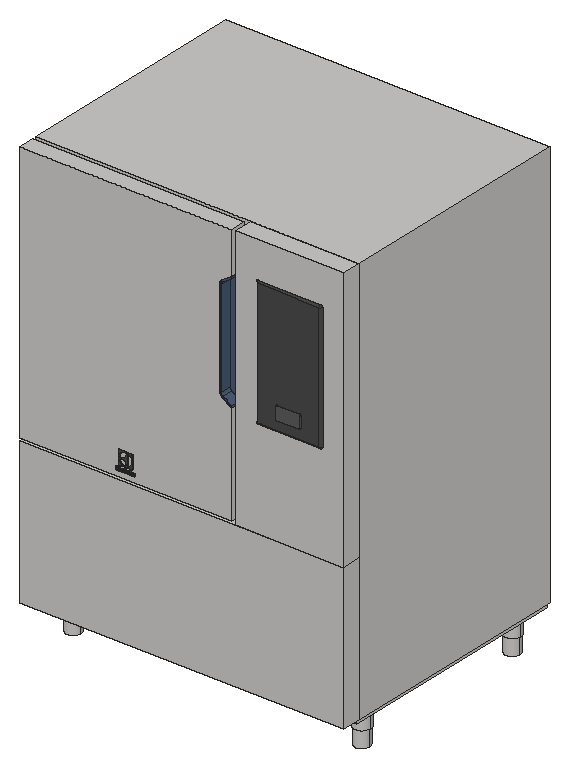
Revit family "QF_ELECTROLUXPROFESSIONAL_727740_EBFA12E", category Specialty Equipment, Revit 2018 (continued)
Automatic sketch dimensions
  Split face 277 sketch curve to Extrusion 4 = 241.478 mm
  Split face 277 sketch curve to Split face 277 sketch curve = 4.974 mm
  Split face 278 sketch curve to Extrusion 4 = 140.047 mm
  Split face 278 sketch curve to Extrusion 4 = 30.031 mm
  Split face 278 sketch curve to Extrusion 4 = 231.978 mm
  Split face 278 sketch curve to Split face 278 sketch curve = 4.974 mm
  Split face 279 sketch curve to Extrusion 4 = 140.047 mm
  Split face 279 sketch curve to Extrusion 4 = 30.031 mm
  Split face 279 sketch curve to Extrusion 4 = 222.478 mm
  Split face 279 sketch curve to Split face 279 sketch curve = 4.974 mm
  Split face 280 sketch curve to Extrusion 4 = 140.047 mm
  Split face 280 sketch curve to Extrusion 4 = 30.031 mm
  Split face 280 sketch curve to Extrusion 4 = 212.978 mm
  Split face 280 sketch curve to Split face 280 sketch curve = 4.974 mm
  Split face 281 sketch curve to Extrusion 4 = 140.047 mm
  Split face 281 sketch curve to Extrusion 4 = 30.031 mm
  Split face 281 sketch curve to Extrusion 4 = 203.478 mm
  Split face 281 sketch curve to Split face 281 sketch curve = 4.974 mm
  Split face 282 sketch curve to Extrusion 4 = 140.047 mm
  Split face 282 sketch curve to Extrusion 4 = 30.031 mm
  Split face 282 sketch curve to Extrusion 4 = 193.978 mm
  Split face 282 sketch curve to Split face 282 sketch curve = 4.974 mm
  Split face 283 sketch curve to Extrusion 4 = 140.047 mm
  Split face 283 sketch curve to Extrusion 4 = 30.031 mm
  Split face 283 sketch curve to Extrusion 4 = 184.478 mm
  Split face 283 sketch curve to Split face 283 sketch curve = 4.974 mm
  Split face 284 sketch curve to Extrusion 4 = 140.047 mm
  Split face 284 sketch curve to Extrusion 4 = 30.031 mm
  Split face 284 sketch curve to Extrusion 4 = 174.978 mm
  Split face 284 sketch curve to Split face 284 sketch curve = 4.974 mm
  Split face 285 sketch curve to Extrusion 4 = 140.047 mm
  Split face 285 sketch curve to Extrusion 4 = 30.031 mm
  Split face 285 sketch curve to Extrusion 4 = 165.478 mm
  Split face 285 sketch curve to Split face 285 sketch curve = 4.974 mm
  Split face 286 sketch curve to Extrusion 4 = 140.047 mm
  Split face 286 sketch curve to Extrusion 4 = 30.031 mm
  Split face 286 sketch curve to Extrusion 4 = 155.978 mm
  Split face 286 sketch curve to Split face 286 sketch curve = 4.974 mm
  Split face 287 sketch curve to Extrusion 4 = 140.047 mm
  Split face 287 sketch curve to Extrusion 4 = 30.031 mm
  Split face 287 sketch curve to Extrusion 4 = 146.478 mm
  Split face 287 sketch curve to Split face 287 sketch curve = 4.974 mm
  Split face 288 sketch curve to Extrusion 4 = 33.499 mm
  Split face 288 sketch curve to Extrusion 4 = 620.012 mm
  Split face 288 sketch curve to Extrusion 4 = 28.525 mm
  Split face 288 sketch curve to Split face 288 sketch curve = 110.016 mm
  Split face 289 sketch curve to Extrusion 4 = 42.999 mm
  Split face 289 sketch curve to Extrusion 4 = 620.012 mm
  Split face 289 sketch curve to Extrusion 4 = 38.025 mm
  Split face 289 sketch curve to Split face 289 sketch curve = 110.016 mm
  Split face 290 sketch curve to Extrusion 4 = 52.499 mm
  Split face 290 sketch curve to Extrusion 4 = 620.012 mm
  Split face 290 sketch curve to Extrusion 4 = 47.525 mm
  Split face 290 sketch curve to Split face 290 sketch curve = 110.016 mm
  Split face 291 sketch curve to Extrusion 4 = 61.999 mm
  Split face 291 sketch curve to Extrusion 4 = 620.012 mm
  Split face 291 sketch curve to Split face 291 sketch curve = 110.016 mm
  Split face 291 sketch curve to Split face 291 sketch curve = 4.974 mm
  Split face 292 sketch curve to Extrusion 4 = 71.499 mm
  Split face 292 sketch curve to Extrusion 4 = 620.012 mm
  Split face 292 sketch curve to Split face 292 sketch curve = 110.016 mm
  Split face 292 sketch curve to Split face 292 sketch curve = 4.974 mm
  Split face 293 sketch curve to Extrusion 4 = 80.999 mm
  Split face 293 sketch curve to Extrusion 4 = 620.012 mm
  Split face 293 sketch curve to Split face 293 sketch curve = 110.016 mm
  Split face 293 sketch curve to Split face 293 sketch curve = 4.974 mm
  Split face 294 sketch curve to Extrusion 4 = 90.499 mm
  Split face 294 sketch curve to Extrusion 4 = 620.012 mm
  Split face 294 sketch curve to Split face 294 sketch curve = 110.016 mm
  Split face 294 sketch curve to Split face 294 sketch curve = 4.974 mm
  Split face 295 sketch curve to Extrusion 4 = 99.999 mm
  Split face 295 sketch curve to Extrusion 4 = 620.012 mm
  Split face 295 sketch curve to Split face 295 sketch curve = 110.016 mm
  Split face 295 sketch curve to Split face 295 sketch curve = 4.974 mm
  Split face 296 sketch curve to Extrusion 4 = 109.499 mm
  Split face 296 sketch curve to Extrusion 4 = 620.012 mm
  Split face 296 sketch curve to Split face 296 sketch curve = 110.016 mm
  Split face 296 sketch curve to Split face 296 sketch curve = 4.974 mm
  Split face 297 sketch curve to Extrusion 4 = 119 mm
  Split face 297 sketch curve to Extrusion 4 = 620.012 mm
  Split face 297 sketch curve to Split face 297 sketch curve = 110.016 mm
  Split face 297 sketch curve to Split face 297 sketch curve = 4.974 mm
  Split face 298 sketch curve to Extrusion 4 = 128.5 mm
  Split face 298 sketch curve to Extrusion 4 = 620.012 mm
  Split face 298 sketch curve to Split face 298 sketch curve = 110.016 mm
  Split face 298 sketch curve to Split face 298 sketch curve = 4.974 mm
  Split face 299 sketch curve to Extrusion 4 = 138 mm
  Split face 299 sketch curve to Extrusion 4 = 620.012 mm
  Split face 299 sketch curve to Split face 299 sketch curve = 110.016 mm
  Split face 299 sketch curve to Split face 299 sketch curve = 4.974 mm
  Split face 300 sketch curve to Extrusion 4 = 147.5 mm
  Split face 300 sketch curve to Extrusion 4 = 620.012 mm
  Split face 300 sketch curve to Split face 300 sketch curve = 110.016 mm
  Split face 300 sketch curve to Split face 300 sketch curve = 4.974 mm
  Split face 301 sketch curve to Extrusion 4 = 157 mm
  Split face 301 sketch curve to Extrusion 4 = 620.012 mm
  Split face 301 sketch curve to Split face 301 sketch curve = 110.016 mm
  Split face 301 sketch curve to Split face 301 sketch curve = 4.974 mm
  Split face 302 sketch curve to Extrusion 4 = 166.5 mm
  Split face 302 sketch curve to Extrusion 4 = 620.012 mm
  Split face 302 sketch curve to Split face 302 sketch curve = 110.016 mm
  Split face 302 sketch curve to Split face 302 sketch curve = 4.974 mm
  Split face 303 sketch curve to Extrusion 4 = 176 mm
  Split face 303 sketch curve to Extrusion 4 = 620.012 mm
  Split face 303 sketch curve to Split face 303 sketch curve = 110.016 mm
  Split face 303 sketch curve to Split face 303 sketch curve = 4.974 mm
  Split face 304 sketch curve to Extrusion 4 = 185.5 mm
  Split face 304 sketch curve to Extrusion 4 = 620.012 mm
  Split face 304 sketch curve to Split face 304 sketch curve = 110.016 mm
  Split face 304 sketch curve to Split face 304 sketch curve = 4.974 mm
  Split face 305 sketch curve to Extrusion 4 = 195 mm
  Split face 305 sketch curve to Extrusion 4 = 620.012 mm
  Split face 305 sketch curve to Split face 305 sketch curve = 110.016 mm
  Split face 305 sketch curve to Split face 305 sketch curve = 4.974 mm
  Split face 306 sketch curve to Extrusion 4 = 204.5 mm
  Split face 306 sketch curve to Extrusion 4 = 620.012 mm
  Split face 306 sketch curve to Split face 306 sketch curve = 110.016 mm
  Split face 306 sketch curve to Split face 306 sketch curve = 4.974 mm
  Split face 307 sketch curve to Extrusion 4 = 214 mm
  Split face 307 sketch curve to Extrusion 4 = 620.012 mm
  Split face 307 sketch curve to Split face 307 sketch curve = 110.016 mm
  Split face 307 sketch curve to Split face 307 sketch curve = 4.974 mm
  Split face 308 sketch curve to Extrusion 4 = 223.5 mm
  Split face 308 sketch curve to Extrusion 4 = 620.012 mm
  Split face 308 sketch curve to Split face 308 sketch curve = 110.016 mm
  Split face 308 sketch curve to Split face 308 sketch curve = 4.974 mm
  Split face 309 sketch curve to Extrusion 4 = 233.001 mm
  Split face 309 sketch curve to Extrusion 4 = 620.012 mm
  Split face 309 sketch curve to Split face 309 sketch curve = 110.016 mm
  Split face 309 sketch curve to Split face 309 sketch curve = 4.974 mm
  Split face 310 sketch curve to Extrusion 4 = 242.501 mm
  Split face 310 sketch curve to Extrusion 4 = 620.012 mm
  Split face 310 sketch curve to Split face 310 sketch curve = 110.016 mm
  Split face 310 sketch curve to Split face 310 sketch curve = 4.974 mm
  Split face 311 sketch curve to Extrusion 4 = 252.001 mm
  Split face 311 sketch curve to Extrusion 4 = 620.012 mm
  Split face 311 sketch curve to Split face 311 sketch curve = 110.016 mm
  Split face 311 sketch curve to Split face 311 sketch curve = 4.974 mm
  Split face 312 sketch curve to Extrusion 4 = 261.501 mm
  Split face 312 sketch curve to Extrusion 4 = 620.012 mm
  Split face 312 sketch curve to Split face 312 sketch curve = 110.016 mm
  Split face 312 sketch curve to Split face 312 sketch curve = 4.974 mm
  Split face 313 sketch curve to Extrusion 4 = 271.001 mm
  Split face 313 sketch curve to Extrusion 4 = 620.012 mm
  Split face 313 sketch curve to Split face 313 sketch curve = 110.016 mm
  Split face 313 sketch curve to Split face 313 sketch curve = 4.974 mm
  Split face 314 sketch curve to Extrusion 4 = 279.479 mm
  Split face 314 sketch curve to Extrusion 4 = 620.012 mm
  Split face 314 sketch curve to Split face 314 sketch curve = 110.016 mm
  Split face 314 sketch curve to Split face 314 sketch curve = 4.974 mm
  Split face 315 sketch curve to Extrusion 4 = 269.979 mm
  Split face 315 sketch curve to Extrusion 4 = 620.012 mm
  Split face 315 sketch curve to Split face 315 sketch curve = 110.016 mm
  Split face 315 sketch curve to Split face 315 sketch curve = 4.974 mm
  Split face 316 sketch curve to Extrusion 4 = 260.479 mm
  Split face 316 sketch curve to Extrusion 4 = 620.012 mm
  Split face 316 sketch curve to Split face 316 sketch curve = 110.016 mm
  Split face 316 sketch curve to Split face 316 sketch curve = 4.974 mm
  Split face 317 sketch curve to Extrusion 4 = 250.978 mm
  Split face 317 sketch curve to Extrusion 4 = 620.012 mm
  Split face 317 sketch curve to Split face 317 sketch curve = 110.016 mm
  Split face 317 sketch curve to Split face 317 sketch curve = 4.974 mm
  Split face 318 sketch curve to Extrusion 4 = 241.478 mm
  Split face 318 sketch curve to Extrusion 4 = 620.012 mm
  Split face 318 sketch curve to Split face 318 sketch curve = 110.016 mm
  Split face 318 sketch curve to Split face 318 sketch curve = 4.974 mm
  Split face 319 sketch curve to Extrusion 4 = 231.978 mm
  Split face 319 sketch curve to Extrusion 4 = 620.012 mm
  Split face 319 sketch curve to Split face 319 sketch curve = 110.016 mm
  Split face 319 sketch curve to Split face 319 sketch curve = 4.974 mm
  Split face 320 sketch curve to Extrusion 4 = 222.478 mm
  Split face 320 sketch curve to Extrusion 4 = 620.012 mm
  Split face 320 sketch curve to Split face 320 sketch curve = 110.016 mm
  Split face 320 sketch curve to Split face 320 sketch curve = 4.974 mm
  Split face 321 sketch curve to Extrusion 4 = 212.978 mm
  Split face 321 sketch curve to Extrusion 4 = 620.012 mm
  Split face 321 sketch curve to Split face 321 sketch curve = 110.016 mm
  Split face 321 sketch curve to Split face 321 sketch curve = 4.974 mm
  Split face 322 sketch curve to Extrusion 4 = 203.478 mm
  Split face 322 sketch curve to Extrusion 4 = 620.012 mm
  Split face 322 sketch curve to Split face 322 sketch curve = 110.016 mm
  Split face 322 sketch curve to Split face 322 sketch curve = 4.974 mm
  Split face 323 sketch curve to Extrusion 4 = 193.978 mm
  Split face 323 sketch curve to Extrusion 4 = 620.012 mm
  Split face 323 sketch curve to Split face 323 sketch curve = 110.016 mm
  Split face 323 sketch curve to Split face 323 sketch curve = 4.974 mm
  Split face 324 sketch curve to Extrusion 4 = 184.478 mm
  Split face 324 sketch curve to Extrusion 4 = 620.012 mm
  Split face 324 sketch curve to Split face 324 sketch curve = 110.016 mm
  Split face 324 sketch curve to Split face 324 sketch curve = 4.974 mm
  Split face 325 sketch curve to Extrusion 4 = 174.978 mm
  Split face 325 sketch curve to Extrusion 4 = 620.012 mm
  Split face 325 sketch curve to Split face 325 sketch curve = 110.016 mm
  Split face 325 sketch curve to Split face 325 sketch curve = 4.974 mm
  Split face 326 sketch curve to Extrusion 4 = 165.478 mm
  Split face 326 sketch curve to Extrusion 4 = 620.012 mm
  Split face 326 sketch curve to Split face 326 sketch curve = 110.016 mm
  Split face 326 sketch curve to Split face 326 sketch curve = 4.974 mm
  Split face 327 sketch curve to Extrusion 4 = 155.978 mm
  Split face 327 sketch curve to Extrusion 4 = 620.012 mm
  Split face 327 sketch curve to Split face 327 sketch curve = 110.016 mm
  Split face 327 sketch curve to Split face 327 sketch curve = 4.974 mm
  Split face 328 sketch curve to Extrusion 4 = 146.478 mm
  Split face 328 sketch curve to Extrusion 4 = 620.012 mm
  Split face 328 sketch curve to Split face 328 sketch curve = 110.016 mm
  Split face 328 sketch curve to Split face 328 sketch curve = 4.974 mm
  Split face 329 sketch curve to Extrusion 4 = 33.499 mm
  Split face 329 sketch curve to Extrusion 4 = 500.021 mm
  Split face 329 sketch curve to Extrusion 4 = 28.525 mm
  Split face 329 sketch curve to Split face 329 sketch curve = 110.016 mm
  Split face 330 sketch curve to Extrusion 4 = 42.999 mm
  Split face 330 sketch curve to Extrusion 4 = 500.021 mm
  Split face 330 sketch curve to Extrusion 4 = 38.025 mm
  Split face 330 sketch curve to Split face 330 sketch curve = 110.016 mm
  Split face 331 sketch curve to Extrusion 4 = 52.499 mm
  Split face 331 sketch curve to Extrusion 4 = 500.021 mm
  Split face 331 sketch curve to Extrusion 4 = 47.525 mm
  Split face 331 sketch curve to Split face 331 sketch curve = 110.016 mm
  Split face 332 sketch curve to Extrusion 4 = 61.999 mm
  Split face 332 sketch curve to Extrusion 4 = 500.021 mm
  Split face 332 sketch curve to Split face 332 sketch curve = 110.016 mm
  Split face 332 sketch curve to Split face 332 sketch curve = 4.974 mm
  Split face 333 sketch curve to Extrusion 4 = 71.499 mm
  Split face 333 sketch curve to Extrusion 4 = 500.021 mm
  Split face 333 sketch curve to Split face 333 sketch curve = 110.016 mm
  Split face 333 sketch curve to Split face 333 sketch curve = 4.974 mm
  Split face 334 sketch curve to Extrusion 4 = 80.999 mm
  Split face 334 sketch curve to Extrusion 4 = 500.021 mm
  Split face 334 sketch curve to Split face 334 sketch curve = 110.016 mm
  Split face 334 sketch curve to Split face 334 sketch curve = 4.974 mm
  Split face 335 sketch curve to Extrusion 4 = 90.499 mm
  Split face 335 sketch curve to Extrusion 4 = 500.021 mm
  Split face 335 sketch curve to Split face 335 sketch curve = 110.016 mm
  Split face 335 sketch curve to Split face 335 sketch curve = 4.974 mm
  Split face 336 sketch curve to Extrusion 4 = 99.999 mm
  Split face 336 sketch curve to Extrusion 4 = 500.021 mm
  Split face 336 sketch curve to Split face 336 sketch curve = 110.016 mm
  Split face 336 sketch curve to Split face 336 sketch curve = 4.974 mm
  Split face 337 sketch curve to Extrusion 4 = 109.499 mm
  Split face 337 sketch curve to Extrusion 4 = 500.021 mm
  Split face 337 sketch curve to Split face 337 sketch curve = 110.016 mm
  Split face 337 sketch curve to Split face 337 sketch curve = 4.974 mm
  Split face 338 sketch curve to Extrusion 4 = 119 mm
  Split face 338 sketch curve to Extrusion 4 = 500.021 mm
  Split face 338 sketch curve to Split face 338 sketch curve = 110.016 mm
  Split face 338 sketch curve to Split face 338 sketch curve = 4.974 mm
  Split face 339 sketch curve to Extrusion 4 = 128.5 mm
  Split face 339 sketch curve to Extrusion 4 = 500.021 mm
  Split face 339 sketch curve to Split face 339 sketch curve = 110.016 mm
  Split face 339 sketch curve to Split face 339 sketch curve = 4.974 mm
  Split face 340 sketch curve to Extrusion 4 = 138 mm
  Split face 340 sketch curve to Extrusion 4 = 500.021 mm
  Split face 340 sketch curve to Split face 340 sketch curve = 110.016 mm
  Split face 340 sketch curve to Split face 340 sketch curve = 4.974 mm
  Split face 341 sketch curve to Extrusion 4 = 147.5 mm
  Split face 341 sketch curve to Extrusion 4 = 500.021 mm
  Split face 341 sketch curve to Split face 341 sketch curve = 110.016 mm
  Split face 341 sketch curve to Split face 341 sketch curve = 4.974 mm
  Split face 342 sketch curve to Extrusion 4 = 157 mm
  Split face 342 sketch curve to Extrusion 4 = 500.021 mm
  Split face 342 sketch curve to Split face 342 sketch curve = 110.016 mm
  Split face 342 sketch curve to Split face 342 sketch curve = 4.974 mm
  Split face 343 sketch curve to Extrusion 4 = 166.5 mm
  Split face 343 sketch curve to Extrusion 4 = 500.021 mm
  Split face 343 sketch curve to Split face 343 sketch curve = 110.016 mm
  Split face 343 sketch curve to Split face 343 sketch curve = 4.974 mm
  Split face 344 sketch curve to Extrusion 4 = 176 mm
  Split face 344 sketch curve to Extrusion 4 = 500.021 mm
  Split face 344 sketch curve to Split face 344 sketch curve = 110.016 mm
  Split face 344 sketch curve to Split face 344 sketch curve = 4.974 mm
  Split face 345 sketch curve to Extrusion 4 = 185.5 mm
  Split face 345 sketch curve to Extrusion 4 = 500.021 mm
  Split face 345 sketch curve to Split face 345 sketch curve = 110.016 mm
  Split face 345 sketch curve to Split face 345 sketch curve = 4.974 mm
  Split face 346 sketch curve to Extrusion 4 = 195 mm
  Split face 346 sketch curve to Extrusion 4 = 500.021 mm
  Split face 346 sketch curve to Split face 346 sketch curve = 110.016 mm
  Split face 346 sketch curve to Split face 346 sketch curve = 4.974 mm
  Split face 347 sketch curve to Extrusion 4 = 204.5 mm
  Split face 347 sketch curve to Extrusion 4 = 500.021 mm
  Split face 347 sketch curve to Split face 347 sketch curve = 110.016 mm
  Split face 347 sketch curve to Split face 347 sketch curve = 4.974 mm
  Split face 348 sketch curve to Extrusion 4 = 214 mm
  Split face 348 sketch curve to Extrusion 4 = 500.021 mm
  Split face 348 sketch curve to Split face 348 sketch curve = 110.016 mm
  Split face 348 sketch curve to Split face 348 sketch curve = 4.974 mm
  Split face 349 sketch curve to Extrusion 4 = 223.5 mm
  Split face 349 sketch curve to Extrusion 4 = 500.021 mm
  Split face 349 sketch curve to Split face 349 sketch curve = 110.016 mm
  Split face 349 sketch curve to Split face 349 sketch curve = 4.974 mm
  Split face 350 sketch curve to Extrusion 4 = 233.001 mm
  Split face 350 sketch curve to Extrusion 4 = 500.021 mm
  Split face 350 sketch curve to Split face 350 sketch curve = 110.016 mm
  Split face 350 sketch curve to Split face 350 sketch curve = 4.974 mm
  Split face 351 sketch curve to Extrusion 4 = 242.501 mm
  Split face 351 sketch curve to Extrusion 4 = 500.021 mm
  Split face 351 sketch curve to Split face 351 sketch curve = 110.016 mm
  Split face 351 sketch curve to Split face 351 sketch curve = 4.974 mm
  Split face 352 sketch curve to Extrusion 4 = 500.021 mm
  Split face 352 sketch curve to Split face 352 sketch curve = 110.016 mm
  Split face 352 sketch curve to Extrusion 4 = 252.001 mm
  Split face 352 sketch curve to Split face 352 sketch curve = 4.974 mm
  Split face 353 sketch curve to Extrusion 4 = 500.021 mm
  Split face 353 sketch curve to Split face 353 sketch curve = 110.016 mm
  Split face 353 sketch curve to Extrusion 4 = 261.501 mm
  Split face 353 sketch curve to Split face 353 sketch curve = 4.974 mm
  Split face 354 sketch curve to Extrusion 4 = 500.021 mm
  Split face 354 sketch curve to Split face 354 sketch curve = 110.016 mm
  Split face 354 sketch curve to Extrusion 4 = 271.001 mm
  Split face 354 sketch curve to Split face 354 sketch curve = 4.974 mm
  Split face 355 sketch curve to Extrusion 4 = 500.021 mm
  Split face 355 sketch curve to Split face 355 sketch curve = 110.016 mm
  Split face 355 sketch curve to Extrusion 4 = 279.479 mm
  Split face 355 sketch curve to Split face 355 sketch curve = 4.974 mm
  Split face 356 sketch curve to Extrusion 4 = 500.021 mm
  Split face 356 sketch curve to Split face 356 sketch curve = 110.016 mm
  Split face 356 sketch curve to Extrusion 4 = 269.979 mm
  Split face 356 sketch curve to Split face 356 sketch curve = 4.974 mm
  Split face 357 sketch curve to Extrusion 4 = 500.021 mm
  Split face 357 sketch curve to Split face 357 sketch curve = 110.016 mm
  Split face 357 sketch curve to Extrusion 4 = 260.479 mm
  Split face 357 sketch curve to Split face 357 sketch curve = 4.974 mm
  Split face 358 sketch curve to Extrusion 4 = 500.021 mm
  Split face 358 sketch curve to Split face 358 sketch curve = 110.016 mm
  Split face 358 sketch curve to Extrusion 4 = 250.978 mm
  Split face 358 sketch curve to Split face 358 sketch curve = 4.974 mm
  Split face 359 sketch curve to Extrusion 4 = 241.478 mm
  Split face 359 sketch curve to Extrusion 4 = 500.021 mm
  Split face 359 sketch curve to Split face 359 sketch curve = 110.016 mm
  Split face 359 sketch curve to Split face 359 sketch curve = 4.974 mm
  Split face 360 sketch curve to Extrusion 4 = 231.978 mm
  Split face 360 sketch curve to Extrusion 4 = 500.021 mm
  Split face 360 sketch curve to Split face 360 sketch curve = 110.016 mm
  Split face 360 sketch curve to Split face 360 sketch curve = 4.974 mm
  Split face 361 sketch curve to Extrusion 4 = 222.478 mm
  Split face 361 sketch curve to Extrusion 4 = 500.021 mm
  Split face 361 sketch curve to Split face 361 sketch curve = 110.016 mm
  Split face 361 sketch curve to Split face 361 sketch curve = 4.974 mm
  Split face 362 sketch curve to Extrusion 4 = 212.978 mm
  Split face 362 sketch curve to Extrusion 4 = 500.021 mm
  Split face 362 sketch curve to Split face 362 sketch curve = 110.016 mm
  Split face 362 sketch curve to Split face 362 sketch curve = 4.974 mm
  Split face 363 sketch curve to Extrusion 4 = 203.478 mm
  Split face 363 sketch curve to Extrusion 4 = 500.021 mm
  Split face 363 sketch curve to Split face 363 sketch curve = 110.016 mm
  Split face 363 sketch curve to Split face 363 sketch curve = 4.974 mm
  Split face 364 sketch curve to Extrusion 4 = 193.978 mm
  Split face 364 sketch curve to Extrusion 4 = 500.021 mm
  Split face 364 sketch curve to Split face 364 sketch curve = 110.016 mm
  Split face 364 sketch curve to Split face 364 sketch curve = 4.974 mm
  Split face 365 sketch curve to Extrusion 4 = 184.478 mm
  Split face 365 sketch curve to Extrusion 4 = 500.021 mm
  Split face 365 sketch curve to Split face 365 sketch curve = 110.016 mm
  Split face 365 sketch curve to Split face 365 sketch curve = 4.974 mm
  Split face 366 sketch curve to Extrusion 4 = 174.978 mm
  Split face 366 sketch curve to Extrusion 4 = 500.021 mm
  Split face 366 sketch curve to Split face 366 sketch curve = 110.016 mm
  Split face 366 sketch curve to Split face 366 sketch curve = 4.974 mm
  Split face 367 sketch curve to Extrusion 4 = 165.478 mm
  Split face 367 sketch curve to Extrusion 4 = 500.021 mm
  Split face 367 sketch curve to Split face 367 sketch curve = 110.016 mm
  Split face 367 sketch curve to Split face 367 sketch curve = 4.974 mm
  Split face 368 sketch curve to Extrusion 4 = 155.978 mm
  Split face 368 sketch curve to Extrusion 4 = 500.021 mm
  Split face 368 sketch curve to Split face 368 sketch curve = 110.016 mm
  Split face 368 sketch curve to Split face 368 sketch curve = 4.974 mm
  Split face 369 sketch curve to Extrusion 4 = 146.478 mm
  Split face 369 sketch curve to Extrusion 4 = 500.021 mm
  Split face 369 sketch curve to Split face 369 sketch curve = 110.016 mm
  Split face 369 sketch curve to Split face 369 sketch curve = 4.974 mm
  Split face 370 sketch curve to Extrusion 4 = 33.499 mm
  Split face 370 sketch curve to Extrusion 4 = 509.996 mm
  Split face 370 sketch curve to Extrusion 4 = 28.525 mm
  Split face 370 sketch curve to Split face 370 sketch curve = 110.016 mm
  Split face 371 sketch curve to Extrusion 4 = 42.999 mm
  Split face 371 sketch curve to Extrusion 4 = 509.996 mm
  Split face 371 sketch curve to Extrusion 4 = 38.025 mm
  Split face 371 sketch curve to Split face 371 sketch curve = 110.016 mm
  Split face 372 sketch curve to Extrusion 4 = 52.499 mm
  Split face 372 sketch curve to Extrusion 4 = 509.996 mm
  Split face 372 sketch curve to Extrusion 4 = 47.525 mm
  Split face 372 sketch curve to Split face 372 sketch curve = 110.016 mm
  Split face 373 sketch curve to Extrusion 4 = 61.999 mm
  Split face 373 sketch curve to Extrusion 4 = 509.996 mm
  Split face 373 sketch curve to Split face 373 sketch curve = 110.016 mm
  Split face 373 sketch curve to Split face 373 sketch curve = 4.974 mm
  Split face 374 sketch curve to Extrusion 4 = 71.499 mm
  Split face 374 sketch curve to Extrusion 4 = 509.996 mm
  Split face 374 sketch curve to Split face 374 sketch curve = 110.016 mm
  Split face 374 sketch curve to Split face 374 sketch curve = 4.974 mm
  Split face 375 sketch curve to Extrusion 4 = 80.999 mm
  Split face 375 sketch curve to Extrusion 4 = 509.996 mm
  Split face 375 sketch curve to Split face 375 sketch curve = 110.016 mm
  Split face 375 sketch curve to Split face 375 sketch curve = 4.974 mm
  Split face 376 sketch curve to Extrusion 4 = 90.499 mm
  Split face 376 sketch curve to Extrusion 4 = 509.996 mm
  Split face 376 sketch curve to Split face 376 sketch curve = 110.016 mm
  Split face 376 sketch curve to Split face 376 sketch curve = 4.974 mm
  Split face 377 sketch curve to Extrusion 4 = 99.999 mm
  Split face 377 sketch curve to Extrusion 4 = 509.996 mm
  Split face 377 sketch curve to Split face 377 sketch curve = 110.016 mm
  Split face 377 sketch curve to Split face 377 sketch curve = 4.974 mm
  Split face 378 sketch curve to Extrusion 4 = 109.499 mm
  Split face 378 sketch curve to Extrusion 4 = 509.996 mm
  Split face 378 sketch curve to Split face 378 sketch curve = 110.016 mm
  Split face 378 sketch curve to Split face 378 sketch curve = 4.974 mm
  Split face 379 sketch curve to Extrusion 4 = 119 mm
  Split face 379 sketch curve to Extrusion 4 = 509.996 mm
  Split face 379 sketch curve to Split face 379 sketch curve = 110.016 mm
  Split face 379 sketch curve to Split face 379 sketch curve = 4.974 mm
  Split face 380 sketch curve to Extrusion 4 = 128.5 mm
  Split face 380 sketch curve to Extrusion 4 = 509.996 mm
  Split face 380 sketch curve to Split face 380 sketch curve = 110.016 mm
  Split face 380 sketch curve to Split face 380 sketch curve = 4.974 mm
  Split face 381 sketch curve to Extrusion 4 = 138 mm
  Split face 381 sketch curve to Extrusion 4 = 509.996 mm
  Split face 381 sketch curve to Split face 381 sketch curve = 110.016 mm
  Split face 381 sketch curve to Split face 381 sketch curve = 4.974 mm
  Split face 382 sketch curve to Extrusion 4 = 147.5 mm
  Split face 382 sketch curve to Extrusion 4 = 509.996 mm
  Split face 382 sketch curve to Split face 382 sketch curve = 110.016 mm
  Split face 382 sketch curve to Split face 382 sketch curve = 4.974 mm
  Split face 383 sketch curve to Extrusion 4 = 157 mm
  Split face 383 sketch curve to Extrusion 4 = 509.996 mm
  Split face 383 sketch curve to Split face 383 sketch curve = 110.016 mm
  Split face 383 sketch curve to Split face 383 sketch curve = 4.974 mm
  Split face 384 sketch curve to Extrusion 4 = 166.5 mm
  Split face 384 sketch curve to Extrusion 4 = 509.996 mm
  Split face 384 sketch curve to Split face 384 sketch curve = 110.016 mm
  Split face 384 sketch curve to Split face 384 sketch curve = 4.974 mm
  Split face 385 sketch curve to Extrusion 4 = 176 mm
  Split face 385 sketch curve to Extrusion 4 = 509.996 mm
  Split face 385 sketch curve to Split face 385 sketch curve = 110.016 mm
  Split face 385 sketch curve to Split face 385 sketch curve = 4.974 mm
  Split face 386 sketch curve to Extrusion 4 = 185.5 mm
  Split face 386 sketch curve to Extrusion 4 = 509.996 mm
  Split face 386 sketch curve to Split face 386 sketch curve = 110.016 mm
  Split face 386 sketch curve to Split face 386 sketch curve = 4.974 mm
  Split face 387 sketch curve to Extrusion 4 = 195 mm
  Split face 387 sketch curve to Extrusion 4 = 509.996 mm
  Split face 387 sketch curve to Split face 387 sketch curve = 110.016 mm
  Split face 387 sketch curve to Split face 387 sketch curve = 4.974 mm
  Split face 388 sketch curve to Extrusion 4 = 204.5 mm
  Split face 388 sketch curve to Extrusion 4 = 509.996 mm
  Split face 388 sketch curve to Split face 388 sketch curve = 110.016 mm
  Split face 388 sketch curve to Split face 388 sketch curve = 4.974 mm
  Split face 389 sketch curve to Extrusion 4 = 214 mm
  Split face 389 sketch curve to Extrusion 4 = 509.996 mm
  Split face 389 sketch curve to Split face 389 sketch curve = 110.016 mm
  Split face 389 sketch curve to Split face 389 sketch curve = 4.974 mm
  Split face 390 sketch curve to Extrusion 4 = 223.5 mm
  Split face 390 sketch curve to Extrusion 4 = 509.996 mm
  Split face 390 sketch curve to Split face 390 sketch curve = 110.016 mm
  Split face 390 sketch curve to Split face 390 sketch curve = 4.974 mm
  Split face 391 sketch curve to Extrusion 4 = 233.001 mm
  Split face 391 sketch curve to Extrusion 4 = 509.996 mm
  Split face 391 sketch curve to Split face 391 sketch curve = 110.016 mm
  Split face 391 sketch curve to Split face 391 sketch curve = 4.974 mm
  Split face 392 sketch curve to Extrusion 4 = 242.501 mm
  Split face 392 sketch curve to Extrusion 4 = 509.996 mm
  Split face 392 sketch curve to Split face 392 sketch curve = 110.016 mm
  Split face 392 sketch curve to Split face 392 sketch curve = 4.974 mm
  Split face 393 sketch curve to Extrusion 4 = 252.001 mm
  Split face 393 sketch curve to Extrusion 4 = 509.996 mm
  Split face 393 sketch curve to Split face 393 sketch curve = 110.016 mm
  Split face 393 sketch curve to Split face 393 sketch curve = 4.974 mm
  Split face 394 sketch curve to Extrusion 4 = 509.996 mm
  Split face 394 sketch curve to Split face 394 sketch curve = 110.016 mm
  Split face 394 sketch curve to Extrusion 4 = 261.501 mm
  Split face 394 sketch curve to Split face 394 sketch curve = 4.974 mm
  Split face 395 sketch curve to Extrusion 4 = 509.996 mm
  Split face 395 sketch curve to Split face 395 sketch curve = 110.016 mm
  Split face 395 sketch curve to Extrusion 4 = 271.001 mm
  Split face 395 sketch curve to Split face 395 sketch curve = 4.974 mm
  Split face 396 sketch curve to Extrusion 4 = 509.996 mm
  Split face 396 sketch curve to Split face 396 sketch curve = 110.016 mm
  Split face 396 sketch curve to Extrusion 4 = 279.479 mm
  Split face 396 sketch curve to Split face 396 sketch curve = 4.974 mm
  Split face 397 sketch curve to Extrusion 4 = 509.996 mm
  Split face 397 sketch curve to Split face 397 sketch curve = 110.016 mm
  Split face 397 sketch curve to Extrusion 4 = 269.979 mm
  Split face 397 sketch curve to Split face 397 sketch curve = 4.974 mm
  Split face 398 sketch curve to Extrusion 4 = 509.996 mm
  Split face 398 sketch curve to Split face 398 sketch curve = 110.016 mm
  Split face 398 sketch curve to Extrusion 4 = 260.479 mm
  Split face 398 sketch curve to Split face 398 sketch curve = 4.974 mm
  Split face 399 sketch curve to Extrusion 4 = 250.978 mm
  Split face 399 sketch curve to Extrusion 4 = 509.996 mm
  Split face 399 sketch curve to Split face 399 sketch curve = 110.016 mm
  Split face 399 sketch curve to Split face 399 sketch curve = 4.974 mm
  Split face 400 sketch curve to Extrusion 4 = 241.478 mm
  Split face 400 sketch curve to Extrusion 4 = 509.996 mm
  Split face 400 sketch curve to Split face 400 sketch curve = 110.016 mm
  Split face 400 sketch curve to Split face 400 sketch curve = 4.974 mm
  Split face 401 sketch curve to Extrusion 4 = 231.978 mm
  Split face 401 sketch curve to Extrusion 4 = 509.996 mm
  Split face 401 sketch curve to Split face 401 sketch curve = 110.016 mm
  Split face 401 sketch curve to Split face 401 sketch curve = 4.974 mm
  Split face 402 sketch curve to Extrusion 4 = 222.478 mm
  Split face 402 sketch curve to Extrusion 4 = 509.996 mm
  Split face 402 sketch curve to Split face 402 sketch curve = 110.016 mm
  Split face 402 sketch curve to Split face 402 sketch curve = 4.974 mm
  Split face 403 sketch curve to Extrusion 4 = 212.978 mm
  Split face 403 sketch curve to Extrusion 4 = 509.996 mm
  Split face 403 sketch curve to Split face 403 sketch curve = 110.016 mm
  Split face 403 sketch curve to Split face 403 sketch curve = 4.974 mm
  Split face 404 sketch curve to Extrusion 4 = 203.478 mm
  Split face 404 sketch curve to Extrusion 4 = 509.996 mm
  Split face 404 sketch curve to Split face 404 sketch curve = 110.016 mm
  Split face 404 sketch curve to Split face 404 sketch curve = 4.974 mm
  Split face 405 sketch curve to Extrusion 4 = 193.978 mm
  Split face 405 sketch curve to Extrusion 4 = 509.996 mm
  Split face 405 sketch curve to Split face 405 sketch curve = 110.016 mm
  Split face 405 sketch curve to Split face 405 sketch curve = 4.974 mm
  Split face 406 sketch curve to Extrusion 4 = 184.478 mm
  Split face 406 sketch curve to Extrusion 4 = 509.996 mm
  Split face 406 sketch curve to Split face 406 sketch curve = 110.016 mm
  Split face 406 sketch curve to Split face 406 sketch curve = 4.974 mm
  Split face 407 sketch curve to Extrusion 4 = 174.978 mm
  Split face 407 sketch curve to Extrusion 4 = 509.996 mm
  Split face 407 sketch curve to Split face 407 sketch curve = 110.016 mm
  Split face 407 sketch curve to Split face 407 sketch curve = 4.974 mm
  Split face 408 sketch curve to Extrusion 4 = 165.478 mm
  Split face 408 sketch curve to Extrusion 4 = 509.996 mm
  Split face 408 sketch curve to Split face 408 sketch curve = 110.016 mm
  Split face 408 sketch curve to Split face 408 sketch curve = 4.974 mm
  Split face 409 sketch curve to Extrusion 4 = 155.978 mm
  Split face 409 sketch curve to Extrusion 4 = 509.996 mm
  Split face 409 sketch curve to Split face 409 sketch curve = 110.016 mm
  Split face 409 sketch curve to Split face 409 sketch curve = 4.974 mm
  Split face 410 sketch curve to Extrusion 4 = 146.478 mm
  Split face 410 sketch curve to Extrusion 4 = 509.996 mm
  Split face 410 sketch curve to Split face 410 sketch curve = 110.016 mm
  Split face 410 sketch curve to Split face 410 sketch curve = 4.974 mm
  Extrusion 14 sketch curve to plane 7 "TOP" = 0 mm
  plane 5 "FRONT" to Extrusion 14 sketch curve = 0 mm
  plane 10 to Extrusion 14 sketch curve = 47.24 mm
  Extrusion 14 sketch curve to plane 7 "TOP" = 186.112 mm
  Extrusion 14 sketch curve to Extrusion 14 sketch curve = 8.487 mm
  Extrusion 14 sketch curve to Extrusion 14 sketch curve = 8.95 mm
  Extrusion 14 sketch curve to Extrusion 14 sketch curve = 10.513 mm
  Extrusion 14 sketch curve to Extrusion 14 sketch curve = 11.05 mm
  Extrusion 14 sketch curve to Extrusion 14 sketch curve = 35.79 mm
  Extrusion 14 sketch curve to plane 7 "TOP" = 162.03 mm
  Extrusion 14 sketch curve to Extrusion 14 sketch curve = 36.253 mm
  Extrusion 14 sketch curve to Extrusion 14 sketch curve = 374.913 mm
  Extrusion 14 sketch curve to Extrusion 14 sketch curve = 23.723 mm
  plane 6 to Extrusion 14 sketch curve = 589.524 mm
  plane 10 to Extrusion 15 sketch curve = 47.24 mm
  Extrusion 15 sketch curve to plane 7 "TOP" = 186.112 mm
  Extrusion 15 sketch curve to Extrusion 15 sketch curve = 8.487 mm
  Extrusion 15 sketch curve to Extrusion 15 sketch curve = 8.95 mm
  Extrusion 15 sketch curve to Extrusion 15 sketch curve = 19 mm
  Extrusion 15 sketch curve to Extrusion 15 sketch curve = 11.05 mm
  Extrusion 15 sketch curve to Extrusion 15 sketch curve = 374.913 mm
  Extrusion 15 sketch curve to plane 7 "TOP" = 162.03 mm
  Extrusion 15 sketch curve to Extrusion 15 sketch curve = 36.253 mm
  Extrusion 15 sketch curve to Extrusion 15 sketch curve = 35.79 mm
  Extrusion 15 sketch curve to Extrusion 15 sketch curve = 0 mm  (x3)
  Extrusion 15 sketch curve to Extrusion 15 sketch curve = 23.723 mm
  Extrusion 16 sketch curve to Extrusion 16 sketch curve = 0 mm  (x4)
  Extrusion 16 sketch curve to plane 7 "TOP" = 168.172 mm
  Extrusion 16 sketch curve to plane 10 = 0 mm  (x2)
  Extrusion 16 sketch curve to plane 7 "TOP" = 162.03 mm
  Extrusion 16 sketch curve to Extrusion 16 sketch curve = 2.5 mm  (x2)
  Extrusion 16 sketch curve to Extrusion 16 sketch curve = 27.24 mm
  Extrusion 16 sketch curve to Extrusion 16 sketch curve = 28.24 mm
  Extrusion 16 sketch curve to Extrusion 16 sketch curve = 7.459 mm
  Extrusion 16 sketch curve to plane 7 "TOP" = 191.526 mm
  Extrusion 16 sketch curve to Extrusion 16 sketch curve = 6.917 mm
  Extrusion 16 sketch curve to Extrusion 16 sketch curve = 3.591 mm
  Extrusion 16 sketch curve to plane 7 "TOP" = 186.112 mm
  Extrusion 16 sketch curve to Extrusion 16 sketch curve = 3.597 mm
  Extrusion 16 sketch curve to Extrusion 16 sketch curve = 5.583 mm
  Extrusion 16 sketch curve to Extrusion 16 sketch curve = 374.913 mm
  Extrusion 16 sketch curve to Extrusion 16 sketch curve = 23 mm
  Extrusion 16 sketch curve to Extrusion 16 sketch curve = 6.141 mm
  plane 5 "FRONT" to Extrusion 1 sketch curve = 76 mm
  plane 5 "FRONT" to Extrusion 5 sketch curve = 78 mm
  curve 21 to plane 12 "LEFT" = 0 mm
  curve 19 to plane 12 "LEFT" = 0 mm
  curve 27 to plane 5 "FRONT" = 0 mm
  curve 18 to plane 5 "FRONT" = 0 mm
  curve 27 to plane 5 "FRONT" = 1 mm
  plane 3 "Center Y" to curve 27 = 148.46 mm
  curve 27 to curve 23 = 44.74 mm
  curve 22 to curve 25 = 2.5 mm
  curve 20 to curve 18 = 14.8 mm
  plane 5 "FRONT" to curve 26 = 39 mm
  curve 21 to curve 20 = 60 mm
  curve 20 to curve 18 = 16 mm
  Extrusion 10 sketch curve to plane 5 "FRONT" = 0 mm
  plane 12 "LEFT" to Extrusion 10 sketch curve = 23.403 mm
  Extrusion 10 sketch curve to plane 13 = 14 mm
  plane 3 "Center Y" to Extrusion 10 sketch curve = 193.2 mm
  plane 10 to Extrusion 10 sketch curve = 2.5 mm
  curve 1 to plane 4 "BACK" = 0 mm
  curve 1 to plane 11 "RIGHT" = 0 mm
  curve 13 to plane 5 "FRONT" = 0 mm
  curve 6 to plane 9 = 0 mm
  curve 14 to plane 5 "FRONT" = 0 mm
  curve 17 to plane 5 "FRONT" = 0 mm
  curve 2 to plane 12 "LEFT" = 0 mm
  curve 15 to plane 5 "FRONT" = 0 mm
  plane 14 to curve 9 = 15.5 mm
  curve 13 to plane 5 "FRONT" = 5 mm
  plane 14 to curve 13 = 22.5 mm
  curve 8 to curve 10 = 21 mm
  curve 8 to curve 6 = 63.778 mm
  curve 11 to curve 11 = 238 mm
  curve 6 to curve 6 = 164.232 mm
  plane 10 to curve 17 = 2.5 mm
  curve 17 to plane 13 = 14 mm
  plane 12 "LEFT" to curve 14 = 23.403 mm
  curve 16 to plane 12 "LEFT" = 7 mm
  curve 10 to curve 10 = 29 mm
  plane 5 "FRONT" to curve 14 = 17.949 mm
  curve 13 to curve 11 = 8 mm
  curve 10 to curve 7 = 55.686 mm
  curve 11 to curve 12 = 8 mm
  curve 5 to curve 5 = 8.092 mm
  curve 3 to curve 14 = 14.8 mm
  curve 2 to curve 14 = 58.051 mm
  radius of Extrusion 3 sketch curve = 10.5 mm
  radius of Extrusion 6 sketch curve = 9.5 mm
Nested families
  nested 1: "Foot_Complete" at (-869.5, -118.149, 0), type "Foot_Complete"
    with H 130 mm
  nested 2: "Foot_Complete" at (246.5, -118.149, 0), type "Foot_Complete"
    with H 130 mm
  nested 3: "Foot_Complete" at (246.5, 608.851, 0), type "Foot_Complete"
    with H 130 mm
  nested 4: "Foot_Complete" at (-869.5, 608.851, 0), type "Foot_Complete"
    with H 130 mm
  nested 5: "ELX_Touch" at (105, -292.149, 1341.605) x (-1, 0, 0) z (0, -1, 0), type "ELX_Touch"
  nested 6: "ELX_Logo_S_New" at (-527.4, -292.149, 749.524) x (1, 0, 0) z (0, -1, 0), visible <- "Show Logo", type "ELX_Logo_S_New"
    with M QF_Finishes_Black
  nested 7: "ELX_Logo_Symbol" at (-527.4, -292.149, 789.524) x (-1, 0, 0) z (0, -1, 0), visible <- "Show Logo", type "ELX_Logo_Symbol"
    with M QF_Finishes_Black
Connectors
  electrical at (220.5, 732.851, 593), driven by "Volts"
    settings: on Extrusion 3, index 5, voltage 380 V, apparent load 0 VA, apparent load phase1 0 VA, apparent load phase2 0 VA, apparent load phase3 0 VA, power factor 1, load classification "Altro", number of poles 1, system type 30, power factor state 1, is connector primary yes, connector utility no, sub classification motor no, connector description "Electrical Connection"
  piping at (-366.5, 215.851, 98.32), diameter 19
    settings: on cut or joined group of Extrusion 1, Extrusion 2, Extrusion 3, Extrusion 5, Extrusion 6, Extrusion 7, Extrusion 13, index 6, connector inside diameter 609.6 mm, connector length 0 mm, flow factor 0, pipe flow 0.0 L/s, pressure drop 0.0 Pa, fitting loss kfactor 0, connector angle 0.00°, fixture units 0, engagement length 0 mm, angle of deflection 0.00°, flow configuration 1, flow direction 2, fitting loss method 0, system type 16, joint type 0, gender type 0, connector reference index -1, connector utility 0, adjustable connector no, is connector primary yes, connector description "Drain"
Definition of nested family "Foot_Complete"
  Parameters
    R = 32 mm
    H = 150 mm
  Reference planes
    plane 1 "Centro (Fronte/Retro)": y = 0
    plane 2: z = 0
    plane 3 "Centro (Sinistra/Destra)": x = 0
    plane 4: z = 150
  Forms (mm)
    Revolve 1, solid
      sketch origin (255.05, 0, 608.09) x (0, 0, 1) y (-1, 0, 0)
        loop
          line (-608.09, 255.05) -> (-608.09, 226.55) -> (-544.09, 226.55) -> (-544.09, 223.05) -> (-458.09, 223.05) -> (-458.09, 255.05) -> (-608.09, 255.05)
        axis (-608.09, 255.05) -> (-458.09, 255.05)
      angle from 0 to 360
  Dimensions and locks
    locked: level to Revolve 1 sketch curve at 64
    "R": Revolve 1 sketch curve to plane 3 "Centro (Sinistra/Destra)"
    "H": plane 4 to level
    aligned and locked: level to plane 2
    aligned and locked: plane 4 to Revolve 1 sketch curve
    aligned and locked: Revolve 1 sketch curve to level
    aligned and locked: plane 3 "Centro (Sinistra/Destra)" to Revolve 1 sketch curve
  Automatic sketch dimensions
    Revolve 1 sketch curve to plane 3 "Centro (Sinistra/Destra)" = 0 mm
    plane 3 "Centro (Sinistra/Destra)" to Revolve 1 sketch curve = 28.5 mm
    Revolve 1 sketch curve to Revolve 1 sketch curve = 50 mm
    Revolve 1 sketch curve to Revolve 1 sketch curve = 20 mm
Definition of nested family "ELX_Touch"
  Parameters
    Default Elevation = 1219.2 mm
  Reference planes
    plane 1 "Centro (Fronte/Retro)": y = 0
    plane 2: z = 0
    plane 3 "Centro (Sinistra/Destra)": x = 0
  Forms (mm)
    Extrusion 1, solid
      sketch origin (0, 0, 0) x (1, 0, 0) y (0, 1, 0)
        loop
          line (-1219.2, 1219.2) -> (-1219.2, -1219.2) -> (1219.2, -1219.2) -> (1219.2, 1219.2) -> (-1219.2, 1219.2)
      from 0 to -304.8
    Extrusion 2, solid
      sketch origin (0, 0, 5) x (1, 0, 0) y (0, 1, 0)
        loop
          line (-47, -160) -> (-47, -202)
          arc (-47, -202) -> (-45.536, -205.535) -> (-42, -207) r 5
          line (-42, -207) -> (42, -207)
          arc (42, -207) -> (45.536, -205.535) -> (47, -202) r 5
          line (47, -202) -> (47, -160)
          arc (47, -160) -> (45.536, -156.465) -> (42, -155) r 5
          line (42, -155) -> (-42, -155)
          arc (-42, -155) -> (-45.536, -156.465) -> (-47, -160) r 5
      from 0 to 2
    Blend 3, solid
      base sketch origin (0, 0, 0) x (1, 0, 0) y (0, 1, 0)
        loop
          line (-127, 244) -> (-127, -244)
          arc (-127, -244) -> (-125.536, -247.536) -> (-122, -249) r 5
          line (-122, -249) -> (122, -249)
          arc (122, -249) -> (125.536, -247.536) -> (127, -244) r 5
          line (127, -244) -> (127, 244)
          arc (127, 244) -> (125.536, 247.536) -> (122, 249) r 5
          line (122, 249) -> (-122, 249)
          arc (-122, 249) -> (-125.536, 247.536) -> (-127, 244) r 5
      top sketch origin (0, 0, 0) x (1, 0, 0) y (0, 1, 0)
        loop
          line (-119, -241) -> (119, -241) -> (119, 241) -> (-119, 241) -> (-119, -241)
      from 0 to 5
  Lines and regions (mm)
    Split face 1
      outline origin (0, 0, 5) x (1, 0, 0) y (0, 1, 0)
        loop
          line (-70.506, 46.167) -> (70.506, 46.167) -> (70.506, 214.829) -> (-70.506, 214.829) -> (-70.506, 46.167)
    Split face 2
      outline origin (0, 0, 5) x (1, 0, 0) y (0, 1, 0)
        loop
          line (-47.467, 50.825) -> (47.467, 50.825) -> (47.467, 210.171) -> (-47.467, 210.171) -> (-47.467, 50.825)
    Split face 3
      outline origin (0, 0, 5) x (1, 0, 0) y (0, 1, 0)
        loop
          line (-70.521, -215.33) -> (70.521, -215.33) -> (70.521, -146.67) -> (-70.521, -146.67) -> (-70.521, -215.33)
    Split face 4
      outline origin (0, 0, 5) x (1, 0, 0) y (0, 1, 0)
        loop
          line (-119, 201.163) -> (-70.506, 201.163)
        loop
          line (70.506, 201.163) -> (119, 201.163)
        loop
          line (70.521, -200.849) -> (119, -200.849)
        loop
          line (-119, -200.849) -> (-70.521, -200.849)
  Dimensions and locks
    aligned and locked: plane 2 to Extrusion 1
    aligned and locked: level to Extrusion 1
Definition of nested family "ELX_Logo_S_New"
  Parameters
    Default Elevation = 0 mm
    M [instance] = none
  Reference planes
    plane 1 "Centro (Fronte/Retro)": y = 0
    plane 2: z = 0
    plane 3 "Centro (Sinistra/Destra)": x = 0
  Forms (mm)
    Extrusion 1, solid
      sketch origin (0, 0, 0) x (1, 0, 0) y (0, 1, 0)
        loop
          line (-1219.2, 1219.2) -> (-1219.2, -1219.2) -> (1219.2, -1219.2) -> (1219.2, 1219.2) -> (-1219.2, 1219.2)
      from 0 to -304.8
    Extrusion 2, solid, material <- "M"
      sketch origin (0, 0, 0) x (1, 0, 0) y (0, 1, 0)
        loop
          spline (-32.537, -4.135) -> (-32.702, -4.128) -> (-32.877, -4.105) -> (-33.059, -4.064) -> (-33.242, -4.002) -> (-33.422, -3.916) -> (-33.593, -3.803) -> (-33.751, -3.66) -> (-33.891, -3.486) -> (-34.008, -3.276) -> (-34.098, -3.029) -> (-34.155, -2.741) -> (-34.176, -2.41)
          line (-34.176, -2.41) -> (-34.176, -0.943) -> (-29.331, -0.943) -> (-29.331, 0.928) -> (-34.176, 0.928) -> (-34.176, 3.652) -> (-29.023, 3.652) -> (-29.023, 5.518) -> (-36.159, 5.518) -> (-36.159, -2.326)
          spline (-36.159, -2.326) -> (-36.142, -2.808) -> (-36.088, -3.263) -> (-35.996, -3.688) -> (-35.867, -4.083) -> (-35.698, -4.445) -> (-35.489, -4.773) -> (-35.239, -5.066) -> (-34.946, -5.322) -> (-34.61, -5.539) -> (-34.23, -5.716) -> (-33.804, -5.851) -> (-33.332, -5.943)
          line (-33.332, -5.943) -> (-32.554, -5.999) -> (-28.885, -5.999) -> (-28.885, -4.135) -> (-32.537, -4.135)
        loop
          line (-27.476, 0.076) -> (-27.476, -6.002) -> (-25.492, -6.002) -> (-25.492, 5.521) -> (-27.476, 5.521) -> (-27.476, 0.076)
        loop
          spline (-15.702, -2.321) -> (-15.689, -1.697) -> (-15.749, -1.094) -> (-15.879, -0.516) -> (-16.078, 0.029) -> (-16.341, 0.538) -> (-16.668, 1.004) -> (-17.055, 1.422) -> (-17.5, 1.786) -> (-17.999, 2.091) -> (-18.552, 2.331) -> (-19.154, 2.5) -> (-19.804, 2.594)
          spline (-19.804, 2.594) -> (-20.422, 2.558) -> (-21.009, 2.453) -> (-21.56, 2.28) -> (-22.072, 2.042) -> (-22.54, 1.743) -> (-22.96, 1.385) -> (-23.327, 0.97) -> (-23.638, 0.502) -> (-23.887, -0.018) -> (-24.07, -0.586) -> (-24.183, -1.2) -> (-24.222, -1.857)
          spline (-24.222, -1.857) -> (-24.184, -2.498) -> (-24.074, -3.097) -> (-23.895, -3.652) -> (-23.651, -4.16) -> (-23.344, -4.618) -> (-22.979, -5.023) -> (-22.559, -5.374) -> (-22.087, -5.667) -> (-21.567, -5.899) -> (-21.003, -6.068) -> (-20.397, -6.172) -> (-19.754, -6.207)
          spline (-19.754, -6.207) -> (-19.44, -6.2) -> (-19.13, -6.176) -> (-18.823, -6.135) -> (-18.52, -6.074) -> (-18.221, -5.993) -> (-17.925, -5.89) -> (-17.634, -5.762) -> (-17.346, -5.609) -> (-17.062, -5.43) -> (-16.782, -5.221) -> (-16.506, -4.983) -> (-16.234, -4.713)
          line (-16.234, -4.713) -> (-17.429, -3.55)
          spline (-17.429, -3.55) -> (-17.587, -3.702) -> (-17.745, -3.841) -> (-17.906, -3.967) -> (-18.07, -4.08) -> (-18.239, -4.181) -> (-18.415, -4.268) -> (-18.599, -4.343) -> (-18.792, -4.404) -> (-18.996, -4.452) -> (-19.213, -4.486) -> (-19.443, -4.506) -> (-19.688, -4.513)
          spline (-19.688, -4.513) -> (-20.047, -4.496) -> (-20.383, -4.443) -> (-20.696, -4.358) -> (-20.984, -4.24) -> (-21.246, -4.092) -> (-21.479, -3.915) -> (-21.683, -3.711) -> (-21.856, -3.48) -> (-21.997, -3.224) -> (-22.104, -2.945) -> (-22.176, -2.643) -> (-22.212, -2.321)
          line (-22.212, -2.321) -> (-15.702, -2.321)
        loop
          spline (-17.695, -0.926) -> (-17.714, -0.681) -> (-17.771, -0.445) -> (-17.861, -0.221) -> (-17.984, -0.01) -> (-18.135, 0.184) -> (-18.314, 0.36) -> (-18.516, 0.516) -> (-18.741, 0.648) -> (-18.984, 0.755) -> (-19.244, 0.834) -> (-19.518, 0.883) -> (-19.804, 0.9)
          spline (-19.804, 0.9) -> (-20.11, 0.884) -> (-20.405, 0.835) -> (-20.686, 0.757) -> (-20.95, 0.652) -> (-21.195, 0.521) -> (-21.419, 0.367) -> (-21.618, 0.192) -> (-21.79, -0.003) -> (-21.934, -0.214) -> (-22.045, -0.439) -> (-22.122, -0.678) -> (-22.162, -0.926)
          line (-22.162, -0.926) -> (-17.695, -0.926)
        loop
          spline (-12.669, -1.807) -> (-12.646, -1.438) -> (-12.58, -1.088) -> (-12.472, -0.759) -> (-12.326, -0.455) -> (-12.145, -0.177) -> (-11.93, 0.072) -> (-11.685, 0.289) -> (-11.412, 0.473) -> (-11.114, 0.62) -> (-10.793, 0.728) -> (-10.453, 0.794) -> (-10.095, 0.817)
          spline (-10.095, 0.817) -> (-9.876, 0.81) -> (-9.665, 0.79) -> (-9.464, 0.756) -> (-9.271, 0.709) -> (-9.086, 0.65) -> (-8.908, 0.578) -> (-8.737, 0.495) -> (-8.572, 0.399) -> (-8.414, 0.292) -> (-8.261, 0.173) -> (-8.113, 0.044) -> (-7.969, -0.096)
          line (-7.969, -0.096) -> (-6.741, 1.183)
          spline (-6.741, 1.183) -> (-6.985, 1.427) -> (-7.237, 1.647) -> (-7.496, 1.843) -> (-7.762, 2.015) -> (-8.034, 2.164) -> (-8.312, 2.291) -> (-8.596, 2.397) -> (-8.886, 2.482) -> (-9.181, 2.546) -> (-9.481, 2.592) -> (-9.786, 2.619) -> (-10.095, 2.627)
          spline (-10.095, 2.627) -> (-10.715, 2.589) -> (-11.308, 2.476) -> (-11.871, 2.294) -> (-12.396, 2.046) -> (-12.88, 1.736) -> (-13.316, 1.369) -> (-13.7, 0.949) -> (-14.026, 0.48) -> (-14.289, -0.035) -> (-14.483, -0.59) -> (-14.604, -1.182) -> (-14.645, -1.807)
          spline (-14.645, -1.807) -> (-14.604, -2.431) -> (-14.483, -3.023) -> (-14.289, -3.578) -> (-14.026, -4.093) -> (-13.7, -4.562) -> (-13.316, -4.983) -> (-12.88, -5.35) -> (-12.396, -5.659) -> (-11.871, -5.907) -> (-11.308, -6.09) -> (-10.715, -6.202) -> (-10.095, -6.24)
          spline (-10.095, -6.24) -> (-9.786, -6.232) -> (-9.481, -6.205) -> (-9.181, -6.16) -> (-8.886, -6.095) -> (-8.596, -6.01) -> (-8.312, -5.904) -> (-8.034, -5.777) -> (-7.762, -5.628) -> (-7.496, -5.456) -> (-7.237, -5.26) -> (-6.985, -5.04) -> (-6.741, -4.796)
          line (-6.741, -4.796) -> (-7.969, -3.517)
          spline (-7.969, -3.517) -> (-8.113, -3.657) -> (-8.261, -3.786) -> (-8.414, -3.905) -> (-8.572, -4.012) -> (-8.737, -4.108) -> (-8.908, -4.192) -> (-9.086, -4.263) -> (-9.271, -4.323) -> (-9.464, -4.369) -> (-9.665, -4.403) -> (-9.876, -4.423) -> (-10.095, -4.43)
          spline (-10.095, -4.43) -> (-10.453, -4.408) -> (-10.793, -4.341) -> (-11.114, -4.233) -> (-11.412, -4.086) -> (-11.685, -3.902) -> (-11.93, -3.685) -> (-12.145, -3.436) -> (-12.326, -3.158) -> (-12.472, -2.854) -> (-12.58, -2.526) -> (-12.646, -2.176) -> (-12.669, -1.807)
        loop
          spline (-1.683, -4.138) -> (-1.858, -4.14) -> (-2.045, -4.127) -> (-2.24, -4.095) -> (-2.438, -4.04) -> (-2.633, -3.959) -> (-2.822, -3.85) -> (-2.998, -3.709) -> (-3.157, -3.533) -> (-3.294, -3.318) -> (-3.404, -3.061) -> (-3.483, -2.76) -> (-3.524, -2.411)
          line (-3.524, -2.411) -> (-3.524, 0.529) -> (-1.72, 0.529) -> (-1.72, 2.331) -> (-3.522, 2.331) -> (-3.522, 5.521) -> (-5.506, 5.521) -> (-5.506, -2.523)
          spline (-5.506, -2.523) -> (-5.463, -2.99) -> (-5.386, -3.429) -> (-5.274, -3.839) -> (-5.126, -4.218) -> (-4.941, -4.564) -> (-4.717, -4.877) -> (-4.455, -5.155) -> (-4.153, -5.396) -> (-3.81, -5.599) -> (-3.425, -5.762) -> (-2.998, -5.884) -> (-2.528, -5.964)
          line (-2.528, -5.964) -> (-1.69, -6.002) -> (-1.683, -4.138)
        loop
          spline (4.991, 2.446) -> (4.648, 2.468) -> (4.318, 2.461) -> (4.001, 2.429) -> (3.699, 2.371) -> (3.413, 2.288) -> (3.142, 2.182) -> (2.89, 2.052) -> (2.655, 1.901) -> (2.439, 1.728) -> (2.244, 1.535) -> (2.069, 1.322) -> (1.917, 1.091)
          line (1.917, 1.091) -> (1.917, 2.33) -> (-0.051, 2.33) -> (-0.051, -6.002) -> (1.917, -6.002) -> (1.917, -1.621)
          spline (1.917, -1.621) -> (1.935, -1.288) -> (1.988, -0.979) -> (2.075, -0.693) -> (2.195, -0.432) -> (2.345, -0.197) -> (2.526, 0.01) -> (2.736, 0.189) -> (2.972, 0.338) -> (3.235, 0.456) -> (3.522, 0.541) -> (3.832, 0.594) -> (4.165, 0.611)
          line (4.165, 0.611) -> (4.991, 0.529) -> (4.991, 2.446)
        loop
          spline (14.388, -1.836) -> (14.347, -1.224) -> (14.226, -0.642) -> (14.031, -0.093) -> (13.768, 0.418) -> (13.441, 0.887) -> (13.057, 1.308) -> (12.621, 1.677) -> (12.137, 1.989) -> (11.612, 2.24) -> (11.051, 2.425) -> (10.459, 2.539) -> (9.842, 2.578)
          spline (9.842, 2.578) -> (9.221, 2.539) -> (8.627, 2.425) -> (8.064, 2.24) -> (7.539, 1.989) -> (7.056, 1.677) -> (6.62, 1.308) -> (6.237, 0.887) -> (5.912, 0.418) -> (5.65, -0.093) -> (5.456, -0.642) -> (5.336, -1.224) -> (5.295, -1.836)
          spline (5.295, -1.836) -> (5.336, -2.447) -> (5.456, -3.029) -> (5.65, -3.578) -> (5.912, -4.089) -> (6.237, -4.558) -> (6.62, -4.979) -> (7.056, -5.348) -> (7.539, -5.66) -> (8.064, -5.911) -> (8.627, -6.096) -> (9.221, -6.211) -> (9.842, -6.25)
          spline (9.842, -6.25) -> (10.459, -6.211) -> (11.051, -6.096) -> (11.612, -5.911) -> (12.137, -5.66) -> (12.621, -5.348) -> (13.057, -4.979) -> (13.441, -4.558) -> (13.768, -4.089) -> (14.031, -3.578) -> (14.226, -3.029) -> (14.347, -2.447) -> (14.388, -1.836)
        loop
          spline (12.42, -1.836) -> (12.397, -1.475) -> (12.33, -1.131) -> (12.222, -0.807) -> (12.075, -0.504) -> (11.893, -0.227) -> (11.677, 0.022) -> (11.431, 0.241) -> (11.157, 0.426) -> (10.859, 0.575) -> (10.538, 0.685) -> (10.198, 0.753) -> (9.842, 0.777)
          spline (9.842, 0.777) -> (9.482, 0.753) -> (9.14, 0.685) -> (8.818, 0.575) -> (8.519, 0.426) -> (8.246, 0.241) -> (8.001, 0.022) -> (7.786, -0.227) -> (7.605, -0.504) -> (7.459, -0.807) -> (7.352, -1.131) -> (7.286, -1.475) -> (7.263, -1.836)
          spline (7.263, -1.836) -> (7.286, -2.196) -> (7.352, -2.54) -> (7.459, -2.865) -> (7.605, -3.167) -> (7.786, -3.444) -> (8.001, -3.694) -> (8.246, -3.912) -> (8.519, -4.098) -> (8.818, -4.247) -> (9.14, -4.357) -> (9.482, -4.425) -> (9.842, -4.448)
          spline (9.842, -4.448) -> (10.198, -4.425) -> (10.538, -4.357) -> (10.859, -4.247) -> (11.157, -4.098) -> (11.431, -3.912) -> (11.677, -3.694) -> (11.893, -3.444) -> (12.075, -3.167) -> (12.222, -2.865) -> (12.33, -2.54) -> (12.397, -2.196) -> (12.42, -1.836)
        loop
          line (15.608, 0.275) -> (15.608, -6.002) -> (17.593, -6.002) -> (17.593, 5.521) -> (15.608, 5.521) -> (15.608, 0.275)
        loop
          line (24.747, 2.33) -> (24.747, -2.513)
          spline (24.747, -2.513) -> (24.731, -2.828) -> (24.685, -3.112) -> (24.61, -3.366) -> (24.507, -3.59) -> (24.38, -3.785) -> (24.229, -3.952) -> (24.056, -4.091) -> (23.863, -4.203) -> (23.652, -4.29) -> (23.425, -4.35) -> (23.183, -4.386) -> (22.928, -4.398)
          spline (22.928, -4.398) -> (22.674, -4.386) -> (22.432, -4.35) -> (22.205, -4.29) -> (21.994, -4.204) -> (21.802, -4.092) -> (21.629, -3.954) -> (21.478, -3.788) -> (21.35, -3.595) -> (21.248, -3.373) -> (21.173, -3.122) -> (21.126, -2.841) -> (21.11, -2.53)
          line (21.11, -2.53) -> (21.11, 2.33) -> (19.11, 2.33) -> (19.11, -2.696)
          spline (19.11, -2.696) -> (19.145, -3.265) -> (19.248, -3.783) -> (19.413, -4.25) -> (19.636, -4.667) -> (19.912, -5.033) -> (20.236, -5.349) -> (20.603, -5.616) -> (21.008, -5.833) -> (21.446, -6.001) -> (21.913, -6.121) -> (22.403, -6.193) -> (22.912, -6.217)
          spline (22.912, -6.217) -> (23.425, -6.193) -> (23.92, -6.12) -> (24.39, -5.998) -> (24.832, -5.828) -> (25.241, -5.607) -> (25.611, -5.337) -> (25.937, -5.016) -> (26.216, -4.645) -> (26.441, -4.222) -> (26.608, -3.749) -> (26.711, -3.223) -> (26.747, -2.646)
          line (26.747, -2.646) -> (26.747, 2.33) -> (24.747, 2.33)
        loop
          line (34.253, -3.337) -> (33.002, -1.588) -> (34.551, 0.523) -> (35.878, 2.33) -> (33.713, 2.33) -> (31.91, -0.166) -> (30.092, 2.33) -> (27.943, 2.33) -> (29.175, 0.645) -> (30.82, -1.604) -> (29.096, -4.004) -> (27.662, -6.002) -> (29.794, -6.002) -> (31.91, -3.059) -> (34.027, -6.002) -> (36.159, -6.002) -> (34.253, -3.337)
      from 0 to 1.644
  Dimensions and locks
    aligned and locked: plane 2 to Extrusion 1
    aligned and locked: level to Extrusion 1
Definition of nested family "ELX_Logo_Symbol"
  Parameters
    Default Elevation = 0 mm
    M [instance] = none
  Reference planes
    plane 1 "Centro (Fronte/Retro)": y = 0
    plane 2: z = 0
    plane 3 "Centro (Sinistra/Destra)": x = 0
  Forms (mm)
    Extrusion 1, solid
      sketch origin (0, 0, 0) x (1, 0, 0) y (0, 1, 0)
        loop
          line (-1219.2, 1219.2) -> (-1219.2, -1219.2) -> (1219.2, -1219.2) -> (1219.2, 1219.2) -> (-1219.2, 1219.2)
      from 0 to -304.8
    Extrusion 2, solid, material <- "M"
      sketch origin (94.462, 558.781, 0) x (1, 0, 0) y (0, 1, 0)
        loop
          line (-101.645, -583.129) -> (-101.645, -534.543)
          arc (-101.645, -534.543) -> (-119.606, -558.836) -> (-101.645, -583.129) r 25.41
        loop
          arc (-99.174, -583.129) -> (-78.968, -578.537) -> (-69.233, -560.244) r 24.902
          line (-69.233, -560.244) -> (-77.271, -560.244)
          arc (-77.271, -560.244) -> (-91.631, -566.073) -> (-99.174, -579.611) r 23.341
          line (-99.174, -579.611) -> (-99.174, -583.129)
        loop
          arc (-99.174, -538.061) -> (-91.631, -551.599) -> (-77.271, -557.427) r 23.341
          line (-77.271, -557.427) -> (-69.233, -557.427)
          arc (-69.233, -557.427) -> (-78.952, -538.984) -> (-99.174, -533.918) r 25.553
          line (-99.174, -533.918) -> (-99.174, -538.061)
        loop
          line (-67.388, -585.781) -> (-67.388, -531.781) -> (-121.462, -531.781) -> (-121.462, -585.781) -> (-67.388, -585.781)
      from 0 to 1.644
  Dimensions and locks
    aligned and locked: plane 2 to Extrusion 1
    aligned and locked: level to Extrusion 1
